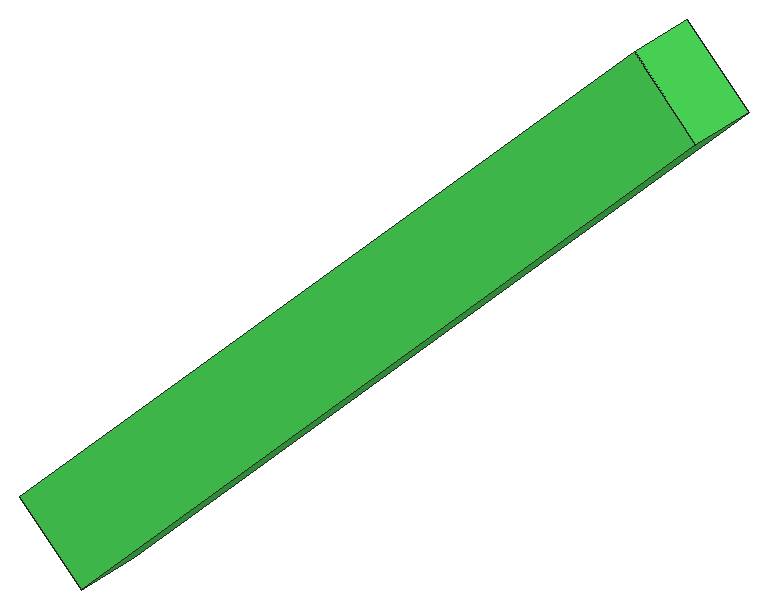
Revit family "機器サポート_不等辺山形鋼", category Generic Models, Revit 2020
Family settings
  Can host rebar = No
  Round Connector Dimension = Use Diameter
  Part Type = Normal
  Work Plane-Based = Yes
  Always vertical = No
  Cut with Voids When Loaded = No
  Shared = No
  Room Calculation Point = No
Parameters (values of type "L 100 x 75")
  高さ = 100 mm
  長辺 [instance] = 長さ  # 1000 mm
  長さ [instance] = 1000 mm
  部屋名 = ""
  角度 [instance] = 45.00°
  Default Elevation = 1219.2 mm
  構造マテリアル = E003_機器サポート
  幅 = 75 mm
Types (6, lengths in mm): name | 高さ | 幅
  L 100 x 75 | 100 | 75
  L 125 x 75 | 125 | 75
  L 125 x 90 | 125 | 90
  L 150 x 100 | 150 | 100
  L 150 x 90 | 150 | 90
  L 90 x 75 | 90 | 75
Reference planes
  plane 1 "中心(正面/背面)": y = 0
  plane 2: z = 0
  plane 3 "中心(左/右)": x = 0
Lines and regions (mm)
  reference lines
    curve 1: line (0, 0, 0) -> (848.528, 0, 848.528)
    curve 2: line (35.355, 0, -35.355) -> (-35.355, 0, 35.355)
    curve 3: line (742.462, 0, 671.751) -> (671.751, 0, 742.462)
Dimensions and locks
  equal spacing: curve 2, curve 1, curve 2
  "高さ": curve 2 to curve 2
  equal spacing: curve 3, curve 1, curve 3
  "高さ": curve 3 to curve 3
  "長さ": curve 2 to curve 3
  "角度": angle level to curve 1
  angle curve 2 to curve 1 = 90.00°
  angle curve 3 to curve 1 = 90.00°
  aligned and locked: level to plane 2
  aligned and locked: level to curve 1
  aligned and locked: plane 3 "中心(左/右)" to curve 1
  aligned and locked: curve 2 to nested 1
  aligned and locked: nested 1 to curve 1
Nested families
  nested 1: "グレーチング_不等辺山形鋼" at (-35.355, 0, 35.355) x (0, 1, 0) z (0.7071, 0, -0.7071), 長さ <- "長さ", type "L 90 x 75"
    with 長辺 1000 mm, 長さ 1000 mm, 高さ 100 mm
Definition of nested family "グレーチング_不等辺山形鋼"
  Parameters (values of type "L 125 x 75")
    高さ = 125 mm
    長辺 [instance] = 長さ  # 1000 mm
    長さ [instance] = 1000 mm
    部屋名 = ""
    Default Elevation = 1219.2 mm
    構造マテリアル = none
    幅 = 75 mm
  Types (6, lengths in mm): name | 高さ | 幅
    L 90 x 75 | 90 | 75
    L 100 x 75 | 100 | 75
    L 125 x 75 | 125 | 75
    L 125 x 90 | 125 | 90
    L 150 x 90 | 150 | 90
    L 150 x 100 | 150 | 100
  Reference planes
    plane 1 "中心(正面/背面)": y = 0
    plane 2: z = 0
    plane 3 "中心(左/右)": x = 0
    plane 4: z = 125
    plane 5: z = 62.5
  Forms (mm)
    Extrusion 1, solid, material <- "構造マテリアル"
      sketch origin (0, 0, 0) x (1, 0, 0) y (0, 1, 0)
        loop
          line (-37.5, 1000) -> (-37.5, 0) -> (37.5, 0) -> (37.5, 1000) -> (-37.5, 1000)
      from 0 to 125
  Lines and regions (mm)
    reference lines
      curve 1: line (37.5, 1000, 0) -> (-37.5, 1000, 0)
      curve 2: line (37.5, 0, 0) -> (-37.5, 0, 0)
  Dimensions and locks
    "長さ": curve 1 to curve 2
    "幅": Extrusion 1 to Extrusion 1
    equal spacing: Extrusion 1, plane 3 "中心(左/右)", Extrusion 1
    "幅": curve 1 to curve 1
    equal spacing: curve 1, plane 3 "中心(左/右)", curve 1
    "幅": curve 2 to curve 2
    equal spacing: curve 2, plane 3 "中心(左/右)", curve 2
    equal spacing: plane 4, plane 5, level
    "高さ": plane 4 to level
    aligned and locked: level to plane 2
    aligned and locked: Extrusion 1 to curve 2
    aligned and locked: curve 1 to Extrusion 1
    aligned and locked: plane 4 to Extrusion 1
  Automatic sketch dimensions
    Extrusion 1 sketch curve to plane 3 "中心(左/右)" = 37.5 mm
    plane 3 "中心(左/右)" to Extrusion 1 sketch curve = 37.5 mm
    plane 1 "中心(正面/背面)" to Extrusion 1 sketch curve = 0 mm
    Extrusion 1 sketch curve to plane 1 "中心(正面/背面)" = 1000 mm
    plane 1 "中心(正面/背面)" to curve 2 = 0 mm
